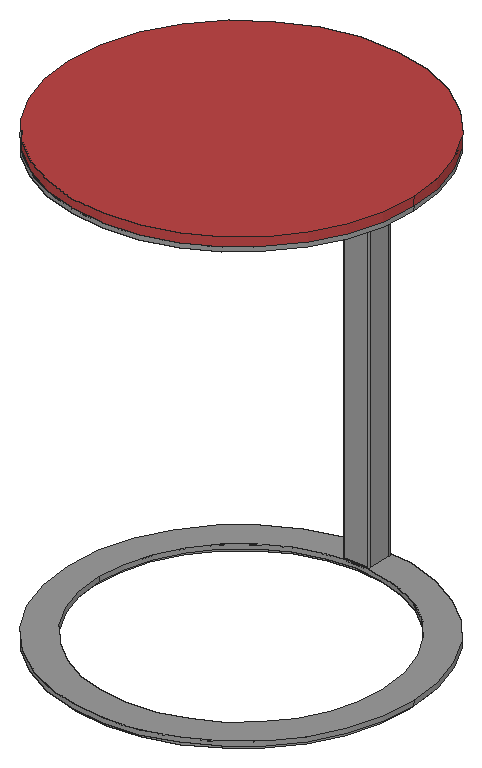
Revit family "tethys tavolino", category Arredi, Revit 2017
Family settings
  Numero OmniClass = 23.40.20.00
  Titolo OmniClass = General Furniture and Specialties
  Basato su piano di lavoro = No
  Sempre verticale = Sì
  Taglio con vuoti quando caricato = No
  Condiviso = No
  Punto di calcolo locali = No
Parameters (values of type "Diam 39 H51 Piano legno")
  raggio meno 1 = raggio - 0.5 cm  # 19 cm
  raggio interno = raggio - 3.4 cm  # 16.1 cm
  raggio interno meno 1 = raggio - 2.9 cm  # 16.6 cm
  raggio = Diametro / 2  # 19.5 cm
  posizione paletto = raggio meno 1 + 0.2 cm  # 19.2 cm
  Visib. Vassoio = no
  Visib. Piano pietra = no
  Visib. Piano legno = yes
  URL = "http://www.livingdivani.it"
  Modello = "Tethys tavolino"
  Mat. Vassoio = Acciaio - Lucido
  Mat. Struttura = Acciaio - Lucido
  Produttore = "Living Divani s.r.l."
  Mat. Piano = Marmo
  Diametro = 39 cm
  Codice Prodotto = "TETV039"
  Altezza = 51 cm
Types (7, lengths in cm): name | raggio meno 1 | raggio interno | raggio interno meno 1 | raggio | posizione paletto | Visib. Vassoio | Visib. Piano pietra | Visib. Piano legno | Diametro | Codice Prodotto | Altezza
  (no name) | 19 | 16.1 | 16.6 | 19.5 | 19.2 | no | no | yes | 39 | "TETV039" | 51
  Diam 39 H51 Piano legno | 19 | 16.1 | 16.6 | 19.5 | 19.2 | no | no | yes | 39 | "TETV039" | 51
  Diam 39 H51 piano pietra | 19 | 16.1 | 16.6 | 19.5 | 19.2 | no | yes | no | 39 | "TETV039" | 51
  Diam 39 H51 Vassoio | 19 | 16.1 | 16.6 | 19.5 | 19.2 | yes | no | no | 39 | "TETV039" | 51
  Diam 49 H43 Piano legno | 24 | 21.1 | 21.6 | 24.5 | 24.2 | no | no | yes | 49 | "TETV049" | 43
  Diam 49 H43 piano pietra | 24 | 21.1 | 21.6 | 24.5 | 24.2 | no | yes | no | 49 | "TETV049" | 43
  Diam 49 H43 Vassoio | 24 | 21.1 | 21.6 | 24.5 | 24.2 | yes | no | no | 49 | "TETV049" | 43
Reference planes (cm)
  plane 1 "Centro (Fronte/Retro)": y = 0
  plane 2: z = 0
  plane 3 "Centro (Sinistra/Destra)": x = 0
  plane 4 "diagonale": through (426.72, 29, 68) normal (0, 0.0613, -0.9981)
  plane 5: z = 0.5
  plane 6: z = 1
  plane 7 "piano appoggio": z = 51
  plane 8: z = 50.5
  plane 9: z = 54.75
Forms (cm)
  Extrusion 1, solid, material "Acciaio - Lucido" <- "Mat. Struttura"
    sketch origin (0, 0, 0) x (1, 0, 0) y (0, 1, 0)
      loop
        circle (0, 0) r 16.1
      loop
        circle (0, 0) r 19.5
    from 0.5 to 1
  Extrusion 2, solid, material "Acciaio - Lucido" <- "Mat. Struttura"
    sketch origin (0, 0, 0) x (1, 0, 0) y (0, 1, 0)
      loop
        circle (0, 0) r 19.5
    from 50.5 to 51
  Extrusion 3, solid, material "Acciaio - Lucido" <- "Mat. Struttura"
    sketch origin (0, 0, 0) x (1, 0, 0) y (0, 1, 0)
      loop
        arc (-1.2964, 19.2) -> (-1.4404, 19.1404) -> (-1.5, 18.9964) r 0.2036
        line (-1.5, 18.9964) -> (-1.5, 16.4024)
        arc (-1.5, 16.4024) -> (-1.4407, 16.2593) -> (-1.2976, 16.2) r 0.2024
        line (-1.2976, 16.2) -> (1.3049, 16.2)
        arc (1.3049, 16.2) -> (1.4429, 16.2571) -> (1.5, 16.3951) r 0.1951
        line (1.5, 16.3951) -> (1.5, 19.0012)
        arc (1.5, 19.0012) -> (1.4418, 19.1418) -> (1.3012, 19.2) r 0.1988
        line (1.3012, 19.2) -> (-1.2964, 19.2)
    from 1 to 50.5
  Extrusion 4, solid, material "Acciaio - Lucido" <- "Mat. Struttura"
    sketch origin (0, 0, 0) x (1, 0, 0) y (0, 1, 0)
      loop
        circle (0, 0) r 19
      loop
        circle (0, 0) r 16.6
    from 0 to 0.5
  Extrusion 5, solid, material "Acciaio - Lucido" <- "Mat. Vassoio", visible <- "Visib. Vassoio"
    sketch origin (0.0288, 0, 38.5) x (1, 0, 0) y (0, 1, 0)
      loop
        circle (0, 0) r 19.5
    from 16.25 to 12.5
  Sweep 6, void
    path in 3D
      loop
        arc (19.5288, 0, 51) -> (0.0288, 19.5, 51) -> (-19.4712, 0, 51) r 19.5
        arc (-19.4712, 0, 51) -> (0.0288, -19.5, 51) -> (19.5288, 0, 51) r 19.5
    profile "Bordo arrotondato 0,4cm : Bordo arrotondato 0,4cm" origin (0.0288, -19.5, 51) x (0, -1, 0) y (0, 0, -1)
      loop
        line (0, 0) -> (-0.4, 0)
        arc (-0.4, 0) -> (-0.1172, -0.1172) -> (0, -0.4) r 0.4
        line (0, -0.4) -> (0, 0)
  Extrusion 7, solid, material "Marmo" <- "Mat. Piano", visible <- "Visib. Piano pietra"
    sketch origin (-73.4406, -152.4, 51) x (-1, 0, 0) y (0, -1, 0)
      loop
        circle (-73.4694, -152.4) r 19.5
    from 0 to 0.3
  Extrusion 8, solid, material "Marmo" <- "Mat. Piano", visible <- "Visib. Piano legno"
    sketch origin (-73.4406, -152.4, 51) x (-1, 0, 0) y (0, -1, 0)
      loop
        circle (-73.4694, -152.4) r 19.5
    from 0 to 1
Cuts and joins
  Sweep 6 cuts Extrusion 5
Lines and regions (cm)
  sketch lines
    curve 1: arc (-19.4712, 0, 51) -> (0.0288, -19.5, 51) -> (19.5288, 0, 51) r 19.5
    curve 2: arc (19.5288, 0, 51) -> (0.0288, 19.5, 51) -> (-19.4712, 0, 51) r 19.5
Dimensions and locks (cm)
  "posizione paletto": plane 1 "Centro (Fronte/Retro)" to Extrusion 3
  locked: Extrusion 3 sketch curve to Extrusion 3 sketch curve at 3  (x2)
  locked: plane 7 "piano appoggio" to plane 8 at 0.5
  locked: plane 9 to plane 7 "piano appoggio" at 3.75
  "Altezza": plane 7 "piano appoggio" to level
  "raggio": radius of Extrusion 8 sketch curve
  "raggio": radius of Extrusion 7 sketch curve
  "raggio": radius of Extrusion 5 sketch curve
  "raggio": radius of Extrusion 2 sketch curve
  "raggio meno 1": radius of Extrusion 4 sketch curve
  "raggio interno meno 1": radius of Extrusion 4 sketch curve
  "raggio interno": radius of Extrusion 1 sketch curve
  "raggio": radius of Extrusion 1 sketch curve
  aligned and locked: level to plane 2
  aligned and locked: Extrusion 4 to plane 2
  aligned and locked: plane 5 to Extrusion 4
  aligned and locked: Extrusion 1 to plane 5
  aligned and locked: plane 6 to Extrusion 1
  aligned and locked: Extrusion 3 to plane 6
  aligned and locked: plane 8 to Extrusion 3
  aligned and locked: Extrusion 2 to plane 8
  aligned and locked: plane 7 "piano appoggio" to Extrusion 2
  aligned and locked: cut or joined group of Extrusion 5, Sweep 6 to plane 7 "piano appoggio"
  aligned and locked: Extrusion 8 to Extrusion 2
  aligned and locked: plane 9 to cut or joined group of Extrusion 5, Sweep 6
Automatic sketch dimensions
  Extrusion 3 sketch curve to plane 3 "Centro (Sinistra/Destra)" = 1.5 cm
  Extrusion 3 sketch curve to Extrusion 3 sketch curve = 0.2024 cm
  Extrusion 3 sketch curve to Extrusion 3 sketch curve = 0.2036 cm
  Extrusion 3 sketch curve to Extrusion 3 sketch curve = 0.1988 cm
  Extrusion 3 sketch curve to Extrusion 3 sketch curve = 0.1951 cm
  Extrusion 3 sketch curve to plane 1 "Centro (Fronte/Retro)" = 16.2 cm
  Extrusion 1 sketch curve to Extrusion 1 sketch curve = 0 cm  (x2)
  plane 1 "Centro (Fronte/Retro)" to Extrusion 1 sketch curve = 0 cm
  Extrusion 1 sketch curve to plane 3 "Centro (Sinistra/Destra)" = 0 cm
  plane 1 "Centro (Fronte/Retro)" to Extrusion 2 sketch curve = 0 cm
  Extrusion 2 sketch curve to plane 3 "Centro (Sinistra/Destra)" = 0 cm
  Extrusion 4 sketch curve to Extrusion 4 sketch curve = 0 cm  (x2)
  plane 1 "Centro (Fronte/Retro)" to Extrusion 4 sketch curve = 0 cm
  Extrusion 4 sketch curve to plane 3 "Centro (Sinistra/Destra)" = 0 cm
  plane 1 "Centro (Fronte/Retro)" to Extrusion 5 sketch curve = 0 cm
  plane 3 "Centro (Sinistra/Destra)" to Extrusion 5 sketch curve = 0.0288 cm
  plane 1 "Centro (Fronte/Retro)" to Extrusion 7 sketch curve = 0 cm
  plane 3 "Centro (Sinistra/Destra)" to Extrusion 7 sketch curve = 0.0288 cm
  plane 1 "Centro (Fronte/Retro)" to Extrusion 8 sketch curve = 0 cm
  plane 3 "Centro (Sinistra/Destra)" to Extrusion 8 sketch curve = 0.0288 cm
